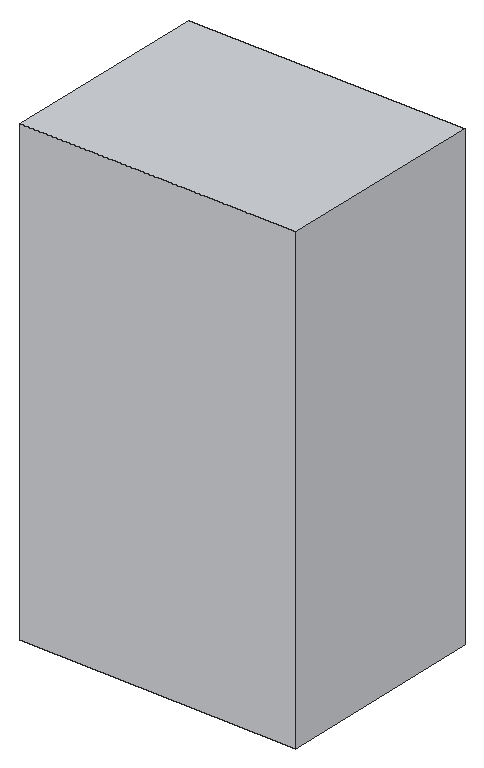
Revit family
Parameters
  Warranty Duration (Years) = 0
  Unit Width [instance] = 1' - 2"
  Unit Height [instance] = 1' - 5"
  Unit Depth = 0' - 6 1/2"
  URL = "http://www.americanspecialties.com/viewCategories.cfm"
  Trim Material = Metal - Stainless Steel
  Test Data = ""
  Specification = "http://www.arcat.com/sdspecs/htm/10810asi.htm"
  SpecWizard = ""
  Send Message = "http://www.arcat.com/users.pl?action=UserEmail&company=American%20Specialties,%20Inc.&coid=30448&rep=139&fax=914-476-0688&mf="
  Sales Information = "http://www.americanspecialties.com/contact"
  Revision = "R1_10-2010"
  Product Properties = "http://www.americanspecialties.com/datasheets/0828.pdf"
  Product Data = "http://www.arcat.com/arcatcos/cos30/arc30448.html"
  Model = "As Specified in 10 28 13"
  Manufacturer Website = "http://www.americanspecialties.com/viewCategories.cfm"
  Manufacturer Phone - Toll Free = ""
  Manufacturer Phone = "914-476-9000 "
  Manufacturer Fax = "914-476-0688"
  Manufacturer Address = "441 Saw Mill River Rd., Yonkers, NY 10701"
  Manufacturer = "American Specialties, Inc."
  Maintenance Schedule (Months) = 0
  Keynote = "10 28 13"
  Installation-Fabrication = "http://www.americanspecialties.com/products.cfm"
  Green Building-LEED = ""
  Expected Lifespan (Years) = 0
  Drawn By = "Robert S. Weygant. CSI, CDT, SCIP"  # constant formula
  Description = "Toilet Accessory as Specified in 10 28 13"
  Default Elevation = 4' - 0"
  Copyright = "©Arcat Inc."
  Construction Details = "http://www.arcat.com/green/clients/leed_data_30448.html"
  Building Codes = "http://www.americanspecialties.com/products.cfm"
  Body Material = Metal - Stainless Steel
  Assembly Code = "C1030210"
Reference planes (in)
  plane 1 "Center (Front/Back)": y = -0.29112
  plane 2 "Floor Line": z = 0
  plane 3 "Center (Left/Right)": x = -0.65843
Forms (in)
  Extrusion 1, solid
    sketch origin (-3, -9, -6) x (0, 0, -1) y (1, 0, 0)
      loop
        line (-82, 26) -> (-82, -19.34712) -> (-6, -19.34712) -> (-6, 26) -> (-82, 26)
    from 9 to -25.60721
  Extrusion 2, solid, material "Metal - Stainless Steel" <- "Body Material"
    sketch origin (0, 6.63076, 0) x (1, 0, 0) y (0, 0, 1)
      loop
        line (-7.65843, 0) -> (6.34157, 0) -> (6.34157, 6.5) -> (-7.65843, 6.5) -> (-7.65843, 0)
      loop
        line (-7.62718, 6.46875) -> (-7.62718, 0.03125) -> (6.31032, 0.03125) -> (6.31032, 6.46875) -> (-7.62718, 6.46875)
    from -1.57813 to 15.39051
  Extrusion 3, void
    sketch origin (0, 0, 0) x (1, 0, 0) y (0, 1, 0)
      loop
        line (4.99782, -5.36536) -> (4.99782, -5.04501)
        arc (4.99782, -5.04501) -> (4.90407, -4.95126) -> (4.81032, -5.04501) r 0.09375
        line (4.81032, -5.04501) -> (4.81032, -5.36536)
        arc (4.81032, -5.36536) -> (4.90407, -5.8517) -> (4.99782, -5.36536) r 0.2522
      loop
        circle (-0.65843, 4.8164) r 0.25
      loop
        circle (-0.65843, -5.59949) r 0.25
      loop
        arc (-6.31468, 5.04497) -> (-6.22093, 4.56935) -> (-6.12718, 5.04497) r 0.24705
        line (-6.12718, 5.04497) -> (-6.12718, 5.3662)
        arc (-6.12718, 5.3662) -> (-6.22093, 5.45995) -> (-6.31468, 5.3662) r 0.09375
        line (-6.31468, 5.3662) -> (-6.31468, 5.04497)
      loop
        arc (-6.31468, -5.36536) -> (-6.22093, -5.8517) -> (-6.12718, -5.36536) r 0.2522
        line (-6.12718, -5.36536) -> (-6.12718, -5.04501)
        arc (-6.12718, -5.04501) -> (-6.22093, -4.95126) -> (-6.31468, -5.04501) r 0.09375
        line (-6.31468, -5.04501) -> (-6.31468, -5.36536)
      loop
        line (4.99782, 5.04497) -> (4.99782, 5.3662)
        arc (4.99782, 5.3662) -> (4.90407, 5.45995) -> (4.81032, 5.3662) r 0.09375
        line (4.81032, 5.3662) -> (4.81032, 5.04497)
        arc (4.81032, 5.04497) -> (4.90407, 4.56935) -> (4.99782, 5.04497) r 0.24705
    from 0 to 0.03125
  Extrusion 4, solid, material "Metal - Stainless Steel" <- "Body Material"
    sketch origin (-21.54429, 0.15625, -0.65515) x (0, 1, 0) y (0, 0, 1)
      loop
        line (7.29565, 0.6864) -> (7.29565, 0.78015) -> (6.58612, 0.78015) -> (6.65113, 0.87301) -> (7.0196, 0.87301) -> (7.0196, 0.96676) -> (6.60233, 0.96676) -> (6.40603, 0.6864) -> (7.29565, 0.6864)
    from 14.46486 to 14.78187
  Extrusion 5, solid, material "Metal - Stainless Steel" <- "Trim Material"
    sketch origin (9.56222, 5.9377, 5.25) x (1, 0, 0) y (0, 1, 0)
      loop
        circle (-5.11495, 1.00748) r 0.5
    from 1.25 to 1.28125
  Extrusion 6, solid, material "Metal - Stainless Steel" <- "Body Material"
    sketch origin (0, -0.29112, 0) x (1, 0, 0) y (0, 0, 1)
      loop
        line (-7.65843, 6.5) -> (-7.65843, 0) -> (6.34157, 0) -> (6.34157, 6.5) -> (-7.65843, 6.5)
    from 8.46864 to 8.5
  Extrusion 7, solid, material "Metal - Stainless Steel" <- "Body Material"
    sketch origin (18.06825, 5.03125, -0.65515) x (0, 1, 0) y (0, 0, -1)
      loop
        line (2.42065, -0.6864) -> (1.53103, -0.6864) -> (1.72733, -0.96676) -> (2.1446, -0.96676) -> (2.1446, -0.87301) -> (1.77613, -0.87301) -> (1.71112, -0.78015) -> (2.42065, -0.78015) -> (2.42065, -0.6864)
    from 12.32043 to 12.63293
  Extrusion 8, solid, material "Metal - Stainless Steel" <- "Body Material"
    sketch origin (-18.85628, -8.96864, -0.65515) x (0, 1, 0) y (0, 0, 1)
      loop
        line (2.40865, 0.6864) -> (2.40865, 0.78015) -> (1.71112, 0.78015) -> (1.77613, 0.87301) -> (2.24914, 0.87301) -> (2.24914, 0.96676) -> (1.72733, 0.96676) -> (1.53103, 0.6864) -> (2.40865, 0.6864)
    from 12.09385 to 11.77684
  Extrusion 9, solid, material "Metal - Stainless Steel" <- "Body Material"
    sketch origin (17.53941, -13.84364, -0.65515) x (0, 1, 0) y (0, 0, -1)
      loop
        line (7.28365, -0.6864) -> (6.40603, -0.6864) -> (6.60233, -0.96676) -> (7.12414, -0.96676) -> (7.12414, -0.87301) -> (6.65113, -0.87301) -> (6.58612, -0.78015) -> (7.28365, -0.78015) -> (7.28365, -0.6864)
    from 12.10409 to 11.79159
Cuts and joins
  Extrusion 3 cuts Extrusion 2
Dimensions and locks (in)
  Extrusion 2 sketch curve to Extrusion 2 sketch curve = 0' - 0 1/32"
  locked: Extrusion 2 sketch curve to Extrusion 2 sketch curve at 0.03125  (x4)
  "Unit Depth": Extrusion 2 to level
  Extrusion 5 to Extrusion 2 = 0' - 0 1/32"
  "Unit Width": Extrusion 2 to Extrusion 2
  equal spacing: Extrusion 2, plane 3 "Center (Left/Right)", Extrusion 2
  "Unit Height": Extrusion 2 to Extrusion 6
  Extrusion 5 sketch curve to Extrusion 2 = 0' - 1.89429"
  Extrusion 2 to Extrusion 5 sketch curve = 0' - 1.2637"
  aligned and locked: Extrusion 1 to level
  aligned and locked: Extrusion 4 to Extrusion 2
  aligned and locked: Extrusion 5 to Extrusion 2
  aligned and locked: Extrusion 6 sketch curve to Extrusion 2  (x3)
  aligned and locked: Extrusion 2 to Extrusion 6 sketch curve
  aligned and locked: Extrusion 6 to Extrusion 2
Automatic sketch dimensions
  Extrusion 1 sketch curve to Extrusion 1 sketch curve = 6' - 4"
  Extrusion 1 sketch curve to Extrusion 1 sketch curve = 3' - 9.34712"
  Extrusion 2 sketch curve to level = 0' - 0"
  Extrusion 2 sketch curve to plane 3 "Center (Left/Right)" = 0' - 7"
  plane 3 "Center (Left/Right)" to Extrusion 2 sketch curve = 0' - 6 31/32"
  Extrusion 2 sketch curve to Extrusion 2 sketch curve = 0' - 6 7/16"
  level to Extrusion 4 sketch curve = 0' - 0 1/32"
  Extrusion 4 sketch curve to plane 1 "Center (Front/Back)" = 0' - 6.85339"
  Extrusion 4 sketch curve to Extrusion 4 sketch curve = 0' - 0.18009"
  level to Extrusion 4 sketch curve = 0' - 0.3116"
  Extrusion 4 sketch curve to Extrusion 4 sketch curve = 0' - 0.01621"
  Extrusion 4 sketch curve to Extrusion 4 sketch curve = 0' - 0.0488"
  Extrusion 4 sketch curve to Extrusion 4 sketch curve = 0' - 0 165/256"
  Extrusion 4 sketch curve to Extrusion 4 sketch curve = 0' - 0.27604"
  Extrusion 4 sketch curve to Extrusion 4 sketch curve = 0' - 0 3/32"  (x2)
  level to Extrusion 7 sketch curve = 0' - 0 1/32"
  Extrusion 7 sketch curve to plane 1 "Center (Front/Back)" = 0' - 6.85339"
  Extrusion 7 sketch curve to Extrusion 7 sketch curve = 0' - 0.18009"
  level to Extrusion 7 sketch curve = 0' - 0.3116"
  Extrusion 7 sketch curve to Extrusion 7 sketch curve = 0' - 0.01621"
  Extrusion 7 sketch curve to Extrusion 7 sketch curve = 0' - 0.0488"
  Extrusion 7 sketch curve to Extrusion 7 sketch curve = 0' - 0 165/256"
  Extrusion 7 sketch curve to Extrusion 7 sketch curve = 0' - 0.27604"
  Extrusion 7 sketch curve to Extrusion 7 sketch curve = 0' - 0 3/32"
  Extrusion 7 sketch curve to Extrusion 7 sketch curve = 0' - 0.09285"
  level to Extrusion 8 sketch curve = 0' - 0 1/32"
  plane 1 "Center (Front/Back)" to Extrusion 8 sketch curve = 0' - 7.14649"
  Extrusion 8 sketch curve to Extrusion 8 sketch curve = 0' - 0.18009"
  level to Extrusion 8 sketch curve = 0' - 0.3116"
  Extrusion 8 sketch curve to Extrusion 8 sketch curve = 0' - 0.01621"
  Extrusion 8 sketch curve to Extrusion 8 sketch curve = 0' - 0.0488"
  Extrusion 8 sketch curve to Extrusion 8 sketch curve = 0' - 0.63252"
  Extrusion 8 sketch curve to Extrusion 8 sketch curve = 0' - 0.15951"
  Extrusion 8 sketch curve to Extrusion 8 sketch curve = 0' - 0 3/32"  (x2)
  level to Extrusion 9 sketch curve = 0' - 0 1/32"
  plane 1 "Center (Front/Back)" to Extrusion 9 sketch curve = 0' - 7.14649"
  Extrusion 9 sketch curve to Extrusion 9 sketch curve = 0' - 0.18009"
  level to Extrusion 9 sketch curve = 0' - 0.3116"
  Extrusion 9 sketch curve to Extrusion 9 sketch curve = 0' - 0.01621"
  Extrusion 9 sketch curve to Extrusion 9 sketch curve = 0' - 0.0488"
  Extrusion 9 sketch curve to Extrusion 9 sketch curve = 0' - 0.63252"
  Extrusion 9 sketch curve to Extrusion 9 sketch curve = 0' - 0.15951"
  Extrusion 9 sketch curve to Extrusion 9 sketch curve = 0' - 0 3/32"
  Extrusion 9 sketch curve to Extrusion 9 sketch curve = 0' - 0.09285"
  Extrusion 3 sketch curve to plane 3 "Center (Left/Right)" = 0' - 0"  (x2)
  Extrusion 3 sketch curve to Extrusion 3 sketch curve = 0' - 0 3/32"  (x8)
  Extrusion 3 sketch curve to Extrusion 3 sketch curve = 0' - 0"  (x4)
  Extrusion 3 sketch curve to Extrusion 3 sketch curve = 0' - 0.23413"  (x2)
  Extrusion 3 sketch curve to Extrusion 3 sketch curve = 0' - 0.32035"  (x2)
  Extrusion 3 sketch curve to Extrusion 3 sketch curve = 0' - 0.22857"  (x2)
  Extrusion 3 sketch curve to Extrusion 3 sketch curve = 0' - 0.32122"  (x2)
  Extrusion 3 sketch curve to plane 3 "Center (Left/Right)" = 0' - 5 21/32"  (x2)
  Extrusion 3 sketch curve to plane 1 "Center (Front/Back)" = 0' - 5.10752"
  plane 3 "Center (Left/Right)" to Extrusion 3 sketch curve = 0' - 5 15/32"  (x2)
  plane 1 "Center (Front/Back)" to Extrusion 3 sketch curve = 0' - 4 193/256"
  radius of Extrusion 5 sketch curve = 0' - 0 1/2"
  radius of Extrusion 3 sketch curve = 0' - 0 1/4"  (x2)
